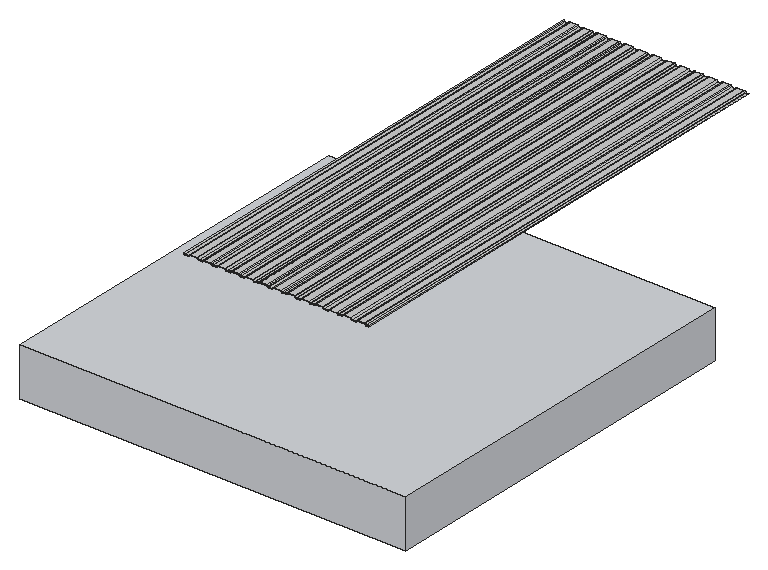
Revit family "Trapézový plech CB 8_88", category Obecné modely, Revit 2016 (continued)
Forms (mm)
  Sweep 6, solid, material "Pozink" <- "F1 barva", visible <- "Negativní"
    profile "CB 8_88_neg_F1 : CB 8_88_neg_F1" origin (0, 1500, 0) x (-1, 0, 0) y (0, 0, 1)
      loop
        line (989.125, 1) -> (1009.5, 1) -> (1034.875, 1)
        arc (1034.875, 1) -> (1036.366, 1.309) -> (1037.611, 2.185) r 3.75
        line (1037.611, 2.185) -> (1042.889, 7.815)
        arc (1042.889, 7.815) -> (1044.134, 8.691) -> (1045.625, 9) r 3.75
        line (1045.625, 9) -> (1056, 9) -> (1066.375, 9)
        arc (1066.375, 9) -> (1067.866, 8.691) -> (1069.111, 7.815) r 3.75
        line (1069.111, 7.815) -> (1074.389, 2.185)
        arc (1074.389, 2.185) -> (1075.634, 1.309) -> (1077.125, 1) r 3.75
        line (1077.125, 1) -> (1097.5, 1) -> (1122.875, 1)
        arc (1122.875, 1) -> (1124.366, 1.309) -> (1125.611, 2.185) r 3.75
        line (1125.611, 2.185) -> (1130.889, 7.815)
        arc (1130.889, 7.815) -> (1132.134, 8.691) -> (1133.625, 9) r 3.75
        line (1133.625, 9) -> (1144, 9) -> (1155.775, 9)
        arc (1155.775, 9) -> (1157.266, 8.691) -> (1158.511, 7.815) r 3.75
        line (1158.511, 7.815) -> (1162.602, 3.451)
Cuts and joins
  Extrusion 3 cuts Sweep 2
  Extrusion 3 cuts Sweep 4
  Extrusion 3 cuts Sweep 5
  Extrusion 3 cuts Sweep 6
Dimensions and locks
  "Délka": Sweep 2 sketch curve to Sweep 2 sketch curve
  "Šířka prvku - ořezání": plane 3 "Střed (vlevo/vpravo)" to plane 6 "oříznutí"
  "Délka": Sweep 4 sketch curve to Sweep 4 sketch curve
  "Délka": Sweep 5 sketch curve to Sweep 5 sketch curve
  "Délka": Sweep 6 sketch curve to Sweep 6 sketch curve
  plane 5 to plane 3 "Střed (vlevo/vpravo)" = 1143.853 mm
  aligned and locked: plane 2 to Extrusion 1
  aligned and locked: level to Extrusion 1
  aligned and locked: Extrusion 3 to Sweep 2
  aligned and locked: Sweep 2 to Extrusion 3
  aligned and locked: plane 6 "oříznutí" to Extrusion 3
  aligned and locked: plane 7 to Extrusion 3
  aligned and locked: Extrusion 3 to plane 8
Automatic sketch dimensions
  Extrusion 1 sketch curve to Extrusion 1 sketch curve = 2438.4 mm  (x2)
  plane 7 to Extrusion 3 sketch curve = 0 mm
  Extrusion 3 sketch curve to level = 0 mm
  Extrusion 3 sketch curve to plane 6 "oříznutí" = 0 mm
  level to Extrusion 3 sketch curve = 10 mm
  Sweep 2 sketch curve to plane 3 "Střed (vlevo/vpravo)" = 0 mm
  plane 1 "Střed (vpředu/vzadu)" to Sweep 2 sketch curve = 0 mm
  Sweep 4 sketch curve to plane 3 "Střed (vlevo/vpravo)" = 0 mm
  plane 1 "Střed (vpředu/vzadu)" to Sweep 4 sketch curve = 0 mm
  Sweep 5 sketch curve to plane 3 "Střed (vlevo/vpravo)" = 0 mm
  plane 1 "Střed (vpředu/vzadu)" to Sweep 5 sketch curve = 0 mm
  Sweep 6 sketch curve to plane 3 "Střed (vlevo/vpravo)" = 0 mm
  plane 1 "Střed (vpředu/vzadu)" to Sweep 6 sketch curve = 0 mm
